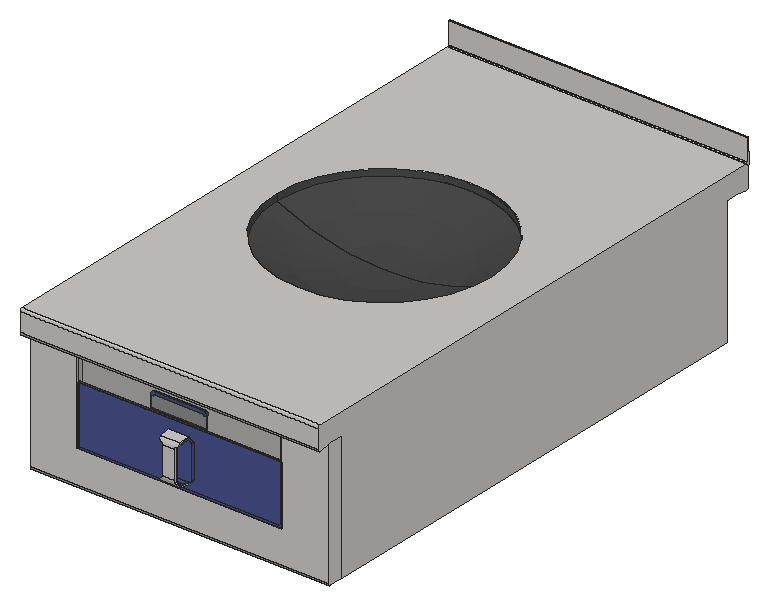
Revit family "QF_ELECTROLUXPROFESSIONAL_589035_MCIHABEOAO", category Specialty Equipment, Revit 2018
Family settings
  Round Connector Dimension = Use Diameter
  Part Type = Normal
  Work Plane-Based = No
  Always vertical = Yes
  Cut with Voids When Loaded = No
  Shared = No
  Room Calculation Point = No
Parameters
  Weight in Pounds = 39.7
  Watts = 5000 VA  # 5000 W
  Volts = 400 V  # constant formula
  URL Cutsheet = ""
  Type Mark [instance] = ""
  Status [instance] = ""
  Specification by User [instance] = ""
  Specification by Manufacturer = ""
  Serial Number = ""
  Seismic Rating = ""
  SMACNA No = ""
  Revision Code [instance] = ""
  Phase = 3  # constant formula
  Omniclass Number and Title = ""
  Number of Poles [instance] = 1
  NAFEM Spec ID Number = ""
  Model = "589035"
  Min Ckt Ampacity = 0 A
  Max Overcurrent Protection = 0 A
  Masterspec = ""
  Manufacturer = "ELECTROLUX"
  Item Number [instance] = ""
  Installed By [instance] = ""
  Identify Quantity as Lot [instance] = yes
  HP = "6.7 HP"
  Furnished By [instance] = ""
  Foodservice Equipment Identifier [instance] = yes
  FL Amps [instance] = if(Phase = 3, Watts / (Volts * 1.73), Watts / Volts)  # 7.22543 A
  Electrical Remarks = "400 V/3N ph/50/60 Hz"  # constant formula
  Electric Connection Type [instance] = ""
  Elec Conn RI Height [instance] = 0 mm
  Elec Conn Connection Height [instance] = 0 mm
  Direct Waste Size = 0"
  Description = "INDUCTION WOK,1ZONE,1S,BSPL,500X900X250H"
  Cycle [instance] = if([60 Hertz Option], 60 Hz, 50 Hz)  # 60 Hz
  Conn Plug = ""
  Conn Conduit = yes
  CSI MasterFormat = ""
  CSI Master Format = ""
  Apparent Power [instance] = if(Phase = 3, Volts * FL Amps * 1.73, Volts * FL Amps)  # 5000 VA
  60 Hertz Option [instance] = not([50 Hertz Option])  # yes
  50 Hertz Option [instance] = no
Reference planes
  plane 1 "BACK": y = 0
  plane 2: z = 0
  plane 3 "LEFT": x = 0
  plane 4 "RIGHT": x = 500
  plane 5 "FRONT": y = -900
  plane 6 "TOP": z = 250
  plane 7: x = 250
  plane 8: y = -450
  plane 9: x = 455
Forms (mm)
  Extrusion 1, solid, material "QF_Finishes_Stainless Steel"
    sketch origin (0, -487.128, 0) x (0, 1, 0) y (0, 0, 1)
      loop
        line (483.128, 250) -> (-408.872, 250)
        arc (-408.872, 250) -> (-411.7, 248.828) -> (-412.872, 246) r 4
        line (-412.872, 246) -> (-412.872, 214)
        arc (-412.872, 214) -> (-411.443, 210.936) -> (-408.177, 210.061) r 4
        line (-408.177, 210.061) -> (-391.509, 213) -> (-366.872, 213) -> (-366.872, 0) -> (441.128, 0) -> (441.128, 213) -> (465.765, 213) -> (482.433, 210.061)
        arc (482.433, 210.061) -> (485.699, 210.936) -> (487.128, 214) r 4
        line (487.128, 214) -> (487.128, 246)
        arc (487.128, 246) -> (485.956, 248.828) -> (483.128, 250) r 4
    from 0 to 500
  Extrusion 2, solid, material "QF_Finishes_Stainless Steel"
    sketch origin (0, -854, 0) x (1, 0, 0) y (0, -1, 0)
      loop
        circle (455, -169) r 6.35
    from 0 to 3.2
  Revolve 3, void
    sketch origin (-176.365, -450, 1219.2) x (-1, 0, 0) y (0, 0, 1)
      loop
        line (-426.365, -969.2) -> (-426.365, -1021.018)
        arc (-426.365, -1021.018) -> (-334.117, -1010.707) -> (-246.365, -980.45) r 421.407
        line (-246.365, -980.45) -> (-246.365, -969.2) -> (-426.365, -969.2)
      axis (-426.365, -969.2) -> (-426.365, -1021.018)
    angle from 0 to 360
  Extrusion 4, solid, material "QF_Finishes_Stainless Steel"
    sketch origin (0, -950.048, 294.179) x (0, -1, 0) y (0, 0, -1)
      loop
        arc (-948.097, 42.179) -> (-947.511, 43.594) -> (-946.097, 44.179) r 2
        arc (-946.097, 44.179) -> (-948.877, 45.357) -> (-950.048, 48.185) r 4
        line (-950.048, 48.185) -> (-950.048, 6.179) -> (-948.097, 6.179) -> (-948.097, 42.179)
    from 0 to 500
Cuts and joins
  Revolve 3 cuts Extrusion 1
Lines and regions (mm)
  symbolic lines
    curve 1: line (0, 0, 0) -> (500, 0, 0)
    curve 2: line (0, -900, 0) -> (0, 0, 0)
    curve 3: line (500, -900, 0) -> (0, -900, 0)
    curve 4: line (500, 0, 0) -> (500, -900, 0)
    curve 5: arc (70, -450, 0) -> (250, -270, 0) -> (430, -450, 0) r 180
    curve 6: arc (430, -450, 0) -> (250, -630, 0) -> (70, -450, 0) r 180
    curve 7: line (0, -1.951, 0) -> (500, -1.951, 0)
    curve 8: line (266.108, -902.326, 0) -> (266.108, -900, 0)
    curve 9: spline (260.439, -903.73, 0) -> (260.918, -903.657, 0) -> (261.396, -903.575, 0) -> (261.873, -903.486, 0) -> (262.349, -903.389, 0) -> (262.823, -903.283, 0) -> (263.297, -903.17, 0) -> (263.769, -903.049, 0) -> (264.24, -902.92, 0) -> (264.71, -902.783, 0) -> (265.177, -902.638, 0) -> (265.643, -902.486, 0) -> (266.108, -902.326, 0)
    curve 10: line (233.892, -902.326, 0) -> (233.892, -900, 0)
    curve 11: spline (233.892, -902.326, 0) -> (234.357, -902.486, 0) -> (234.823, -902.638, 0) -> (235.29, -902.783, 0) -> (235.76, -902.92, 0) -> (236.231, -903.049, 0) -> (236.703, -903.17, 0) -> (237.177, -903.283, 0) -> (237.651, -903.389, 0) -> (238.127, -903.486, 0) -> (238.604, -903.575, 0) -> (239.082, -903.657, 0) -> (239.561, -903.73, 0)
    curve 12: line (260.439, -903.73, 0) -> (239.561, -903.73, 0)
Dimensions and locks
  plane 3 "LEFT" to plane 4 "RIGHT" = 500 mm
  plane 5 "FRONT" to plane 1 "BACK" = 900 mm
  equal spacing: plane 3 "LEFT", plane 7, plane 4 "RIGHT"
  equal spacing: plane 5 "FRONT", plane 8, plane 1 "BACK"
  plane 6 "TOP" to level = 250 mm  (x2)
  plane 1 "BACK" to plane 5 "FRONT" = 900 mm
  Extrusion 2 sketch curve to plane 1 "BACK" = 685 mm
  Extrusion 2 sketch curve to plane 4 "RIGHT" = 45 mm
  plane 1 "BACK" to Extrusion 2 = 685 mm
  plane 9 to plane 4 "RIGHT" = 45 mm
  aligned and locked: level to plane 2
  aligned and locked: plane 7 to nested 1
Automatic sketch dimensions
  Extrusion 1 sketch curve to plane 5 "FRONT" = 0 mm
  Extrusion 1 sketch curve to plane 6 "TOP" = 0 mm
  Extrusion 1 sketch curve to level = 0 mm
  Extrusion 1 sketch curve to plane 1 "BACK" = 0 mm
  Extrusion 1 sketch curve to plane 6 "TOP" = 37 mm  (x2)
  Extrusion 1 sketch curve to plane 5 "FRONT" = 4 mm
  Extrusion 1 sketch curve to plane 5 "FRONT" = 21.363 mm
  Extrusion 1 sketch curve to Extrusion 1 sketch curve = 24.637 mm
  plane 1 "BACK" to Extrusion 1 sketch curve = 46 mm
  plane 1 "BACK" to Extrusion 1 sketch curve = 21.363 mm
  plane 1 "BACK" to Extrusion 1 sketch curve = 4 mm  (x2)
  Extrusion 1 sketch curve to Extrusion 1 sketch curve = 4 mm
  Extrusion 1 sketch curve to Extrusion 1 sketch curve = 0.695 mm
  Extrusion 1 sketch curve to Extrusion 1 sketch curve = 0 mm  (x4)
  plane 1 "BACK" to Extrusion 1 sketch curve = 4.695 mm
  Extrusion 1 sketch curve to Extrusion 1 sketch curve = 1 mm  (x2)
  Extrusion 4 sketch curve to plane 1 "BACK" = 0 mm  (x2)
  Extrusion 4 sketch curve to plane 6 "TOP" = 2 mm
  Extrusion 4 sketch curve to plane 6 "TOP" = 0 mm
  Extrusion 4 sketch curve to Extrusion 4 sketch curve = 1.951 mm
  plane 6 "TOP" to Extrusion 4 sketch curve = 0.006 mm
  Extrusion 4 sketch curve to Extrusion 4 sketch curve = 0.049 mm
  Extrusion 4 sketch curve to Extrusion 4 sketch curve = 36 mm
  Extrusion 4 sketch curve to Extrusion 4 sketch curve = 0 mm
  curve 5 to curve 6 = 0 mm  (x2)
  plane 1 "BACK" to curve 1 = 0 mm
  curve 1 to plane 4 "RIGHT" = 0 mm
  curve 2 to plane 3 "LEFT" = 0 mm
  plane 5 "FRONT" to curve 3 = 0 mm
  curve 6 to plane 8 = 0 mm
  curve 5 to plane 7 = 0 mm
  plane 5 "FRONT" to curve 8 = 2.326 mm
  plane 7 to curve 8 = 16.108 mm
  plane 5 "FRONT" to curve 12 = 3.73 mm
  curve 8 to curve 12 = 5.669 mm
  curve 12 to plane 7 = 10.439 mm
  plane 5 "FRONT" to curve 10 = 2.326 mm
  curve 12 to curve 10 = 5.669 mm
  plane 9 to curve 6 = 25 mm
  plane 5 "FRONT" to curve 9 = 4.032 mm
  curve 12 to curve 9 = 4.17 mm
  plane 5 "FRONT" to curve 11 = 4.032 mm
  curve 11 to curve 11 = 4.17 mm
  plane 1 "BACK" to curve 7 = 1.951 mm
  Revolve 3 sketch curve to plane 7 = 0 mm  (x2)
  Revolve 3 sketch curve to plane 6 "TOP" = 0 mm
  Revolve 3 sketch curve to plane 6 "TOP" = 51.818 mm
  plane 3 "LEFT" to Revolve 3 sketch curve = 70 mm
  plane 7 to Revolve 3 sketch curve = 0.405 mm
  Revolve 3 sketch curve to Revolve 3 sketch curve = 11.25 mm
  Revolve 3 sketch curve to level = 215 mm
  plane 6 "TOP" to Revolve 3 sketch curve = 110 mm
  radius of Extrusion 2 sketch curve = 6.35 mm
Nested families
  nested 1: "IW_900_500 Panel Single Centered" at (250, -854, -651.71), type "IW_900_500 Panel Single Centered"
Connectors
  electrical at (455, -685, -3.2), driven by "Volts", driven by "Watts"
    settings: on Extrusion 2, index 1, voltage 400 V, apparent load 5000 VA, apparent load phase1 0 VA, apparent load phase2 0 VA, apparent load phase3 0 VA, power factor 1, load classification "Other", number of poles 1, system type 30, power factor state 1, is connector primary yes, connector utility no, sub classification motor no, connector description "ELECTRICAL CONNECTION"
Definition of nested family "IW_900_500 Panel Single Centered"
  Reference planes
    plane 1 "Center (Front/Back)": y = 0
    plane 2: z = 0
    plane 3 "Center (Left/Right)": x = 0
  Forms (mm)
    Extrusion 1, solid
      sketch origin (833.217, 829.203, -1.25) x (0, 1, 0) y (0, 0, 1)
        loop
          arc (-854.203, 655.96) -> (-853.324, 653.839) -> (-851.203, 652.96) r 3
          line (-851.203, 652.96) -> (-829.203, 652.96) -> (-829.203, 865.96) -> (-854.203, 865.96) -> (-854.203, 655.96)
      from -1083.217 to -583.217
    Extrusion 2, void
      sketch origin (33.217, 829.203, 0.636) x (1, 0, 0) y (0, 0, 1)
        loop
          line (-205.217, 852.364) -> (-205.217, 710.364) -> (138.783, 710.364) -> (138.783, 852.364) -> (-205.217, 852.364)
      from 843.409 to 854.203
  Cuts and joins
    Extrusion 2 cuts Extrusion 1
  Dimensions and locks
    cut or joined group of Extrusion 1, Extrusion 2 to cut or joined group of Extrusion 1, Extrusion 2 = 500 mm  (x2)
    equal spacing: cut or joined group of Extrusion 1, Extrusion 2, nested 1, cut or joined group of Extrusion 1, Extrusion 2
    cut or joined group of Extrusion 1, Extrusion 2 to cut or joined group of Extrusion 1, Extrusion 2 = 213 mm
    aligned and locked: nested 1 to cut or joined group of Extrusion 1, Extrusion 2
  Automatic sketch dimensions
    Extrusion 1 sketch curve to plane 1 "Center (Front/Back)" = 0 mm
    plane 1 "Center (Front/Back)" to Extrusion 1 sketch curve = 22 mm
    Extrusion 1 sketch curve to Extrusion 1 sketch curve = 3 mm
    level to Extrusion 1 sketch curve = 651.71 mm
    Extrusion 1 sketch curve to Extrusion 1 sketch curve = 210 mm
    Extrusion 2 sketch curve to plane 3 "Center (Left/Right)" = 172 mm
    plane 3 "Center (Left/Right)" to Extrusion 2 sketch curve = 172 mm
    level to Extrusion 2 sketch curve = 711 mm
    Extrusion 2 sketch curve to Extrusion 2 sketch curve = 142 mm
  Nested families
    nested 1: "glass conrol panel One Right Side" at (0, 279.791, 1.886), type "glass conrol panel One Right Side"
    nested 2: "Range Control Handle" at (0, -27.043, -209.113), type "Range Control Handle"
  Definition of nested family "glass conrol panel One Right Side"
    Reference planes
      plane 1 "Center (Front/Back)": y = 0
      plane 2: z = 0
      plane 3 "Center (Left/Right)": x = 0
    Forms (mm)
      Extrusion 1, solid
        sketch origin (378.286, 0, 0.617) x (1, 0, 0) y (0, 0, 1)
          loop
            line (-550.286, 806.791) -> (-550.286, 708.497) -> (-206.286, 708.497) -> (-206.286, 806.791) -> (-550.286, 806.791)
        from 300.031 to 304.8
      Extrusion 2, solid
        sketch origin (378.286, 0, 0.617) x (1, 0, 0) y (0, 0, 1)
          loop
            line (-550.286, 850.497) -> (-550.286, 806.791) -> (-206.286, 806.791) -> (-206.286, 850.497) -> (-550.286, 850.497)
        from 300.031 to 304.8
      Extrusion 3, solid
        sketch origin (308.333, 1.101, -0.633) x (1, 0, 0) y (0, 0, 1)
          loop
            line (-261.431, 812.62) -> (-261.431, 834.177) -> (-266.24, 834.177) -> (-268.039, 835.977) -> (-348.469, 835.977) -> (-350.269, 834.177) -> (-355.186, 834.177) -> (-355.186, 812.62) -> (-261.431, 812.62)
        from 304.798 to 306.745
      Extrusion 4, solid
        sketch origin (308.333, 1.101, -0.633) x (1, 0, 0) y (0, 0, 1)
          loop
            line (-350.269, 834.177) -> (-348.469, 835.977) -> (-268.039, 835.977) -> (-266.24, 834.177) -> (-261.529, 834.177)
            arc (-261.529, 834.177) -> (-262.706, 838.752) -> (-266.98, 840.763) r 5.549
            line (-266.98, 840.763) -> (-349.686, 840.763)
            arc (-349.686, 840.763) -> (-353.942, 838.747) -> (-355.078, 834.177) r 5.5
            line (-355.078, 834.177) -> (-350.269, 834.177)
        from 304.798 to 306.745
      Extrusion 5, void
        sketch origin (378.286, 0, 0.617) x (1, 0, 0) y (0, 0, 1)
          loop
            line (-547.628, 847.565) -> (-547.628, 710.699) -> (-209.196, 710.699) -> (-209.196, 847.565) -> (-547.628, 847.565)
        from 303.697 to 304.8
    Cuts and joins
      Extrusion 5 cuts Extrusion 2
      Extrusion 5 cuts Extrusion 1
    Dimensions and locks
      aligned and locked: Extrusion 1 to Extrusion 2
      aligned and locked: Extrusion 4 sketch curve to Extrusion 3  (x4)
      aligned and locked: Extrusion 3 to Extrusion 4 sketch curve
      aligned and locked: Extrusion 4 to Extrusion 3
  Definition of nested family "Range Control Handle"
    Reference planes
      plane 1 "Center (Front/Back)": y = 0
      plane 2: z = 0
      plane 3 "Center (Left/Right)": x = 0
      plane 4: z = 971.092
    Forms (mm)
      Extrusion 1, solid
        sketch origin (-746.28, 380.497, 208.931) x (-1, 0, 0) y (0, 0, 1)
          loop
            line (-770.101, 786.798) -> (-770.101, 731.649)
            arc (-770.101, 731.649) -> (-769.759, 730.563) -> (-768.855, 729.87) r 1.893
            line (-768.855, 729.87) -> (-763.474, 727.911) -> (-729.81, 727.911) -> (-724.428, 729.87)
            arc (-724.428, 729.87) -> (-723.525, 730.563) -> (-723.183, 731.649) r 1.893
            line (-723.183, 731.649) -> (-723.183, 786.798)
            arc (-723.183, 786.798) -> (-723.529, 787.894) -> (-724.44, 788.593) r 1.91
            line (-724.44, 788.593) -> (-729.683, 790.819) -> (-763.601, 790.819) -> (-768.844, 788.593)
            arc (-768.844, 788.593) -> (-769.755, 787.894) -> (-770.101, 786.798) r 1.91
        from -382.35 to -378.852
      Sweep 2, solid
        path origin (-746.788, 380.496, 208.091) x (0, -1, 0) y (0, 0, 1)
          loop
            line (379.775, 793.281) -> (395.661, 791.048)
            arc (395.661, 791.048) -> (397.781, 787.377) -> (398.517, 783.202) r 12.207
            line (398.517, 783.202) -> (398.517, 737.368)
            arc (398.517, 737.368) -> (397.781, 733.193) -> (395.661, 729.522) r 12.207
            line (395.661, 729.522) -> (379.775, 727.289)
        profile origin (-746.788, -7.222, 1000.256) x (0, -0.139173, 0.990268) y (-1, 0, 0)
          loop
            line (0.782, -763.123) -> (0.782, -730.907) -> (-1.322, -730.907) -> (-1.322, -763.123) -> (0.782, -763.123)
      Sweep 3, solid
        path origin (-746.788, 380.715, 207.832) x (0, -1, 0) y (0, 0, 1)
          loop
            line (380.478, 795.442) -> (397.218, 793.09)
            arc (397.218, 793.09) -> (399.929, 788.473) -> (400.871, 783.202) r 15.207
            line (400.871, 783.202) -> (400.871, 737.584)
            arc (400.871, 737.584) -> (399.914, 732.274) -> (397.164, 727.633) r 15.207
            line (397.164, 727.633) -> (380.601, 725.305)
        profile origin (-746.788, -8.132, 1002.099) x (0, -0.139173, 0.990268) y (-1, 0, 0)
          loop
            line (0.782, -763.123) -> (0.782, -730.907) -> (-1.322, -730.907) -> (-1.322, -763.123) -> (0.782, -763.123)
      Extrusion 4, void
        sketch origin (889.253, 220.666, 207.993) x (1, 0, 0) y (0, 0, 1)
          loop
            line (-943.038, 816.854) -> (-943.038, 703.686) -> (-899.466, 734.196) -> (-899.466, 786.344) -> (-943.038, 816.854)
        from 230.636 to 242.25
      Extrusion 5, void
        sketch origin (-888.8, 220.666, 207.993) x (-1, 0, 0) y (0, 0, -1)
          loop
            line (-943.038, -816.854) -> (-899.466, -786.344) -> (-899.466, -734.196) -> (-943.038, -703.686) -> (-943.038, -816.854)
        from 230.636 to 242.25
      Extrusion 6, solid
        sketch origin (0, 0, 0) x (1, 0, 0) y (0, 0, 1)
          loop
            circle (0, 971.092) r 7.736
        from -3.137 to -1.645
    Cuts and joins
      Extrusion 4, Extrusion 5 cuts Sweep 3
      Extrusion 4, Extrusion 5 cuts Sweep 2
      joined: Extrusion 1, Extrusion 6
    Lines and regions (mm)
      symbolic lines
        curve 1: line (23.821, 1.645, 0) -> (-23.097, 1.645, 0)
        curve 2: line (16.334, -1.853, 0) -> (23.821, -1.853, 0)
        curve 3: line (-15.881, -19.189, 0) -> (-15.881, -1.853, 0)
        curve 4: line (-23.097, -1.853, 0) -> (-15.881, -1.853, 0)
        curve 5: line (16.334, -19.189, 0) -> (16.334, -1.853, 0)
        curve 6: spline (-15.881, -19.189, 0) -> (-15.417, -19.349, 0) -> (-14.951, -19.501, 0) -> (-14.483, -19.646, 0) -> (-14.014, -19.783, 0) -> (-13.543, -19.912, 0) -> (-13.071, -20.033, 0) -> (-12.597, -20.146, 0) -> (-12.122, -20.251, 0) -> (-11.646, -20.349, 0) -> (-11.169, -20.438, 0) -> (-10.691, -20.52, 0) -> (-10.213, -20.593, 0)
        curve 7: spline (10.666, -20.593, 0) -> (11.144, -20.52, 0) -> (11.622, -20.438, 0) -> (12.099, -20.349, 0) -> (12.575, -20.251, 0) -> (13.05, -20.146, 0) -> (13.524, -20.033, 0) -> (13.996, -19.912, 0) -> (14.467, -19.783, 0) -> (14.936, -19.646, 0) -> (15.404, -19.501, 0) -> (15.87, -19.349, 0) -> (16.334, -19.189, 0)
        curve 8: line (-10.213, -20.938, 0) -> (10.716, -20.938, 0)
        curve 9: line (-23.097, 1.645, 0) -> (-23.097, -1.853, 0)
        curve 10: line (23.821, 1.645, 0) -> (23.821, -1.853, 0)
